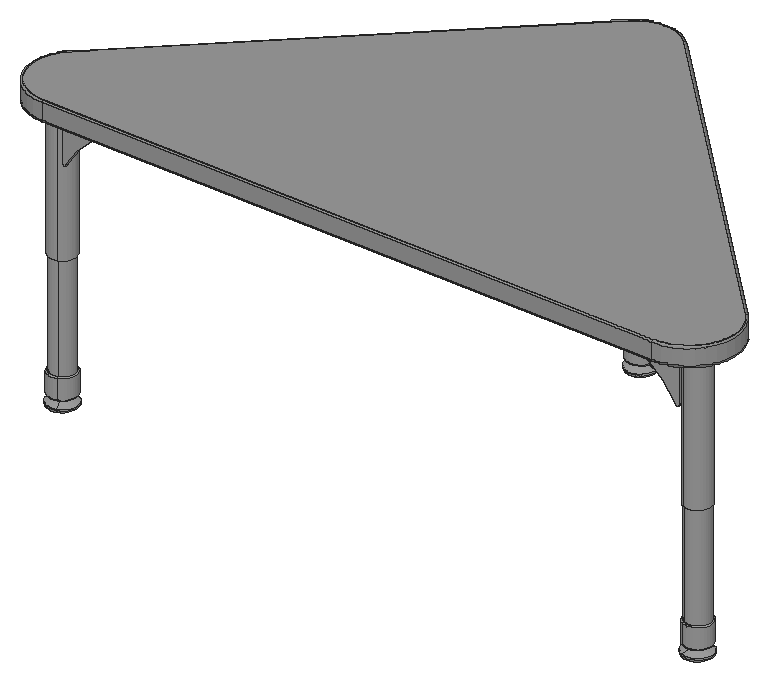
Revit family "Hierarchy Jet Desk.- Youth Height", category Furniture, Revit 2018
Family settings
  Work Plane-Based = No
  Always vertical = Yes
  Cut with Voids When Loaded = No
  Shared = No
  Room Calculation Point = No
Parameters
  Desk Height = 1' - 4"
  Surface = Hierarchy Jet Desk Youth Surface
  Leg Finish = Hierarchy Leg Platinum
  Edgeband = Hierarchy Jet Desk Youth Edgeband
  Caster/Glide = Hierarchy Youth Leg - Glide : Hierarchy Youth Leg - Glide
Reference planes (in)
  plane 1 "Center (Front/Back)": y = 0
  plane 2: z = 0
  plane 3 "Center (Left/Right)": x = 0
  plane 4 "Table Height": z = 16
Dimensions and locks (in)
  "Desk Height": plane 4 "Table Height" to level
  aligned and locked: plane 2 to level
  aligned and locked: nested 3 to plane 4 "Table Height"
Nested families (in)
  nested 1: "Hierarchy Youth Leg - Glide" at (-18.52685, -8.72545, 0) x (-0.3827, 0.9239, 0) z (0, 0, 1), type <- "Caster/Glide", Leg Finish <- "Leg Finish", Leg Height <- "Desk Height", type "Hierarchy Youth Leg - Glide"
    with Leg Height 1' - 4", Leg Finish Hierarchy Leg Platinum
  nested 2: "Hierarchy Youth Leg - Glide" at (0, 10.30743, 0), Leg Finish <- "Leg Finish", Leg Height <- "Desk Height", type "Hierarchy Youth Leg - Glide"
    with Leg Height 1' - 4", Leg Finish Hierarchy Leg Platinum
  nested 3: "Hierarchy Jet Tabletop" at (0, 0, -12.5), type "Hierarchy Jet Tabletop"
  nested 4: "Hierarchy Youth Leg - Glide" at (18.52685, -8.72545, 0) x (0.3827, 0.9239, 0) z (0, 0, 1), type <- "Caster/Glide", Leg Finish <- "Leg Finish", Leg Height <- "Desk Height", type "Hierarchy Youth Leg - Glide"
    with Leg Height 1' - 4", Leg Finish Hierarchy Leg Platinum
Definition of nested family "Hierarchy Youth Leg - Glide"
  Parameters (values of type "Hierarchy Youth Leg - Glide")
    Leg Finish [instance] = none
    Leg Height [instance] = 1' - 4.80117"
  Reference planes (in)
    plane 1 "Center (Front/Back)": y = 0
    plane 2: z = 0
    plane 3 "Center (Left/Right)": x = 0
  Forms (in)
    Extrusion 1, solid
      sketch origin (-0.01562, 0, 0) x (1, 0, 0) y (0, 1, 0)
        loop
          circle (0.01563, 0) r 0.67016
      from 0.67618 to 10.55018
    Revolve 2, solid
      sketch origin (0, 0, 0) x (1, 0, 0) y (0, 0, 1)
        loop
          line (-0.73189, 1.80118) -> (-0.79439, 1.73867) -> (-0.79439, 0.61381) -> (-0.73176, 0.55118) -> (-0.125, 0.55118) -> (-0.125, 0.42618) -> (-0.84656, 0.16241) -> (-0.84656, 0.08994) -> (-0.81359, 0) -> (0, 0) -> (0, 1.80118) -> (-0.73189, 1.80118)
        axis (0, 1.80118) -> (0, 0)
      angle from 0 to 360
  Dimensions and locks (in)
    "Leg Height": nested 1 to level  (x2)
    aligned and locked: plane 2 to level
  Automatic sketch dimensions
    plane 1 "Center (Front/Back)" to Extrusion 1 sketch curve = 0' - 0"
    Extrusion 1 sketch curve to plane 3 "Center (Left/Right)" = 0' - 0"
    Revolve 2 sketch curve to level = 0' - 0"
    Revolve 2 sketch curve to plane 3 "Center (Left/Right)" = 0' - 0"  (x2)
    Revolve 2 sketch curve to plane 3 "Center (Left/Right)" = 0' - 0 1/8"
    Revolve 2 sketch curve to Revolve 2 sketch curve = 0' - 0.60676"
    Revolve 2 sketch curve to Revolve 2 sketch curve = 0' - 0.73189"
    Revolve 2 sketch curve to Revolve 2 sketch curve = 0' - 0.06263"  (x2)
    Revolve 2 sketch curve to Revolve 2 sketch curve = 0' - 0.08183"
    Revolve 2 sketch curve to Revolve 2 sketch curve = 0' - 0.03297"
    level to Revolve 2 sketch curve = 0' - 0.08994"
    Revolve 2 sketch curve to Revolve 2 sketch curve = 0' - 0.07247"
    level to Revolve 2 sketch curve = 0' - 0.42618"
    Revolve 2 sketch curve to Revolve 2 sketch curve = 0' - 0 1/8"
    Revolve 2 sketch curve to Revolve 2 sketch curve = 0' - 1.12486"
    Revolve 2 sketch curve to Revolve 2 sketch curve = 0' - 0 1/16"
    Revolve 2 sketch curve to level = 2' - 0"
    Revolve 2 sketch curve to Revolve 2 sketch curve = 8' - 4.91764"
    radius of Extrusion 1 sketch curve = 0' - 0.67016"
  Nested families (in)
    nested 1: "Hierarchy Youth Upper Leg 2023" at (0, 0, 0), Leg Finish <- "Leg Finish", type "Hierarchy Youth Upper Leg 2023"
      with Leg Finish none
  Definition of nested family "Hierarchy Youth Upper Leg 2023"
    Parameters (values of type "Hierarchy Youth Upper Leg 2023")
      Leg Finish [instance] = none
    Reference planes (in)
      plane 1 "Center (Front/Back)": y = 0
      plane 2: z = 0
      plane 3 "Center (Left/Right)": x = 0
    Forms (in)
      Extrusion 1, solid, material <- "Leg Finish"
        sketch origin (0, 0, -11.001) x (1, 0, 0) y (0, 1, 0)
          loop
            circle (0, 0) r 0.75
        from 19.67618 to 27.67618
      Extrusion 2, solid, material <- "Leg Finish"
        sketch origin (0, 0, -11.001) x (1, 0, 0) y (0, 1, 0)
          loop
            line (-1.70174, 0.19183) -> (-2.88626, -2.26116)
            arc (-2.88626, -2.26116) -> (-2.83993, -3.09822) -> (-2.1063, -3.50394) r 0.86614
            line (-2.1063, -3.50394) -> (2.1063, -3.50394)
            arc (2.1063, -3.50394) -> (2.83993, -3.09822) -> (2.88626, -2.26116) r 0.86614
            line (2.88626, -2.26116) -> (1.70174, 0.19183)
            arc (1.70174, 0.19183) -> (0, 1.25984) -> (-1.70174, 0.19183) r 1.88976
        from 27.67618 to 27.80217
      Extrusion 3, solid, material <- "Leg Finish"
        sketch origin (-1.48519, 8.66524, -11.001) x (-0.434844, 0.900506, 0) y (0, 0, 1)
          loop
            line (-9.01425, 27.67618) -> (-11.80952, 27.67618)
            arc (-11.80952, 27.67618) -> (-11.92325, 27.58993) -> (-11.87088, 27.45715) r 0.11811
            arc (-11.87088, 27.45715) -> (-10.39364, 26.29679) -> (-9.23328, 24.81955) r 7.87402
            arc (-9.23328, 24.81955) -> (-9.1005, 24.76717) -> (-9.01425, 24.88091) r 0.11811
            line (-9.01425, 24.88091) -> (-9.01425, 27.67618)
        from -1.94075 to -1.81476
      Extrusion 4, solid, material <- "Leg Finish"
        sketch origin (1.48519, 8.66524, -11.001) x (0.434844, 0.900506, 0) y (0, 0, -1)
          loop
            line (-9.01425, -27.67618) -> (-9.01425, -24.88091)
            arc (-9.01425, -24.88091) -> (-9.1005, -24.76717) -> (-9.23328, -24.81955) r 0.11811
            arc (-9.23328, -24.81955) -> (-10.39364, -26.29679) -> (-11.87088, -27.45715) r 7.87402
            arc (-11.87088, -27.45715) -> (-11.92325, -27.58993) -> (-11.80952, -27.67618) r 0.11811
            line (-11.80952, -27.67618) -> (-9.01425, -27.67618)
        from -1.94075 to -1.81476
    Dimensions and locks (in)
      aligned and locked: plane 2 to level
Definition of nested family "Hierarchy Jet Tabletop"
  Parameters (values of type "Hierarchy Jet Tabletop")
    Surface = none
    Edgeband = none
  Reference planes (in)
    plane 1 "Center (Front/Back)": y = 0
    plane 2: z = 0
    plane 3 "Center (Left/Right)": x = 0
  Forms (in)
    Extrusion 1, solid, material <- "Surface"
      sketch origin (0, 0, 0) x (1, 0, 0) y (0, 1, 0)
        loop
          line (-1.60204, 11.4309) -> (-19.61851, -6.58558)
          arc (-19.61851, -6.58558) -> (-20.18117, -9.41426) -> (-17.78313, -11.01659) r 2.59563
          line (-17.78313, -11.01659) -> (17.78313, -11.01659)
          arc (17.78313, -11.01659) -> (20.18117, -9.41426) -> (19.61851, -6.58558) r 2.59563
          line (19.61851, -6.58558) -> (1.60204, 11.4309)
          arc (1.60204, 11.4309) -> (0, 12.09448) -> (-1.60204, 11.4309) r 2.26562
      from 28.5 to 29.625
    Sweep 2, solid, material <- "Edgeband"
      path in 3D
        loop
          arc (17.78313, -11.01659, 29.625) -> (20.18117, -9.41426, 29.625) -> (19.61851, -6.58558, 29.625) r 2.59563
          line (19.61851, -6.58558, 29.625) -> (1.60204, 11.4309, 29.625)
          arc (1.60204, 11.4309, 29.625) -> (0, 12.09448, 29.625) -> (-1.60204, 11.4309, 29.625) r 2.26562
          line (-1.60204, 11.4309, 29.625) -> (-19.61851, -6.58558, 29.625)
          arc (-19.61851, -6.58558, 29.625) -> (-20.18117, -9.41426, 29.625) -> (-17.78313, -11.01659, 29.625) r 2.59563
          line (-17.78313, -11.01659, 29.625) -> (17.78313, -11.01659, 29.625)
      profile origin (0, -11.01659, 29.625) x (0, 1, 0) y (0, 0, 1)
        loop
          arc (-0.10581, -1.01919) -> (-0.07482, -1.09401) -> (0, -1.125) r 0.10581
          line (0, -1.125) -> (0, 0)
          arc (0, 0) -> (-0.07482, -0.03099) -> (-0.10581, -0.10581) r 0.10581
          line (-0.10581, -0.10581) -> (-0.10581, -1.01919)
  Lines and regions (in)
    sketch lines
      curve 1: line (-17.78313, -11.01659, 29.625) -> (17.78313, -11.01659, 29.625)
      curve 2: arc (-17.78313, -11.01659, 29.625) -> (-20.18117, -9.41426, 29.625) -> (-19.61851, -6.58558, 29.625) r 2.59563
      curve 3: line (-1.60204, 11.4309, 29.625) -> (-19.61851, -6.58558, 29.625)
      curve 4: arc (-1.60204, 11.4309, 29.625) -> (0, 12.09448, 29.625) -> (1.60204, 11.4309, 29.625) r 2.26562
      curve 5: line (19.61851, -6.58558, 29.625) -> (1.60204, 11.4309, 29.625)
      curve 6: arc (19.61851, -6.58558, 29.625) -> (20.18117, -9.41426, 29.625) -> (17.78313, -11.01659, 29.625) r 2.59563
  Dimensions and locks (in)
    aligned and locked: plane 2 to level
